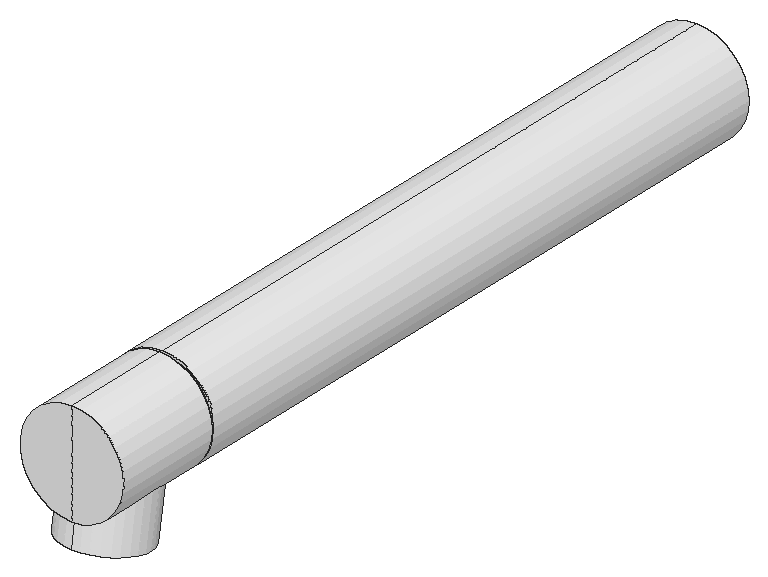
Revit family "PRD_FrankeWS_WlMntdBbTps_WallOutlet_AQRM905_AQRM906_AQRM907", category Plumbing Fixtures, Revit 2018
Family settings
  Round Connector Dimension = Use Diameter
  Part Type = Normal
  OmniClass Number = 23.45.55.14
  OmniClass Title = Single Faucets
  Work Plane-Based = Yes
  Always vertical = Yes
  Cut with Voids When Loaded = No
  Shared = No
  Room Calculation Point = No
Parameters (values of type "AQRM905")
  WarrantyStartDate [instance] = "1900-12-31T23:59:59"
  WarrantyGuarantorParts = "n/a"
  WarrantyGuarantorLabor = "n/a"
  WarrantyDurationUnit = "year"
  WarrantyDurationParts = "n/a"
  WarrantyDurationLabor = "n/a"
  WarrantyDescription = "n/a"
  VolumeFlowRate = "0.10 L/s at 3 bar"
  Version = "1"
  Uniclass2015Version = "Products v1.17"
  Uniclass2015Title = "Wall-mounted bib taps"
  Uniclass2015Code = "Pr_40_20_87_93"
  URL = "www.kwc.com"
  TypeOfSpout = "Wall outlet"
  Tap lentgh = 200.000 mm
  TagNumber [instance] = "n/a"
  SustainabilityPerformance = "n/a"
  SpoutProjection = "234.00 mm"
  Size = "n/a"
  Shape = "n/a"
  SerialNumber [instance] = "n/a"
  Revision = "n/a"
  ReplacementCost = "n/a"
  ProductInformation = "https://pim.kwc.com/product/2000100805/attachment/datasheet?locale=en"
  NominalWidth = 0.000 mm
  NominalHeight = 0.000 mm
  NominalDepth = 0.000 mm
  NetWeight = 1.25 kg
  Name = "Wall Outlet AQRM905"
  NBSTypeID = "n/a"
  NBSReference = "n/a"
  NBSOfficeMasterTag = "n/a"
  NBSNote = "n/a"
  NBSDescription = "n/a"
  NBSCertification = "n/a"
  ModelReference = "AQRM905"
  ModelNumber = "2000100805"
  Model = ModelReference  # "AQRM905"
  Material = "Brass"
  ManufacturerURL = "www.kwc.com"
  ManufacturerName = "KWC Group AG"  # constant formula
  Manufacturer = ManufacturerName  # "KWC Group AG"
  IntegralAccessories = "n/a"
  InstallationDate [instance] = "1900-12-31T23:59:59"
  InletSize = "DN 15"
  IfcExportType = "FAUCET"
  IfcExportAs = "IfcValveType"
  GrossWeight = 1.36 kg
  Grade = "n/a"
  FlowColdWater = 0.1 L/s
  Finish = "polished"
  Features = "polished chromium-plated brass"
  FaucetType = "Bib"
  FaucetTopDescription = "n/a"
  FaucetOperation = "QuickAction"
  FaucetMaterial = PRD_AR_ChromatedBrass_HighPolished
  FaucetFunction = "Mixed"
  ExpectedLife = "n/a"
  DurationUnit = "year"
  DiameterNominal = 15 mm
  Default Elevation = 750.000 mm
  Description = "Wall outlet, DN 15, with theft-proof aerator, polished chromium-plated brass, projection 234 mm."
  CreatedOn = "03/2021"  # constant formula
  Constituents = "n/a"
  Color = "Chrome"
  CodePerformance = "n/a"
  Category = "Pr_40_20_87_93, Wall-mounted bib taps"
  BarCode [instance] = "n/a"
  BIMObjectName = "PRD_AR_WallMountedBibTaps_WallOutlet_AQRM905"
  Author = "Archispace"  # constant formula
  AssetType = "Fixed"
  AssetIdentifier [instance] = "n/a"
  AccessibilityPerformance = "n/a"
Types (3, lengths in mm): name | Tap lentgh | SpoutProjection | ProductInformation | NetWeight | Name | ModelReference | ModelNumber | Model | GrossWeight | Description | BIMObjectName
  AQRM905 | 200.000 | "234.00 mm" | "https://pim.kwc.com/product/2000100805/attachment/datasheet?locale=en" | 1.25 kg | "Wall Outlet AQRM905" | "AQRM905" | "2000100805" | "AQRM905" | 1.36 kg | "Wall outlet, DN 15, with theft-proof aerator, polished chromium-plated brass, projection 234 mm." | "PRD_AR_WallMountedBibTaps_WallOutlet_AQRM905"
  AQRM906 | 131.000 | "165.00 mm" | "https://pim.kwc.com/product/2000100806/attachment/datasheet?locale=en" | 0.92 kg | "Wall Outlet AQRM906" | "AQRM906" | "2000100806" | "AQRM906" | 1.04 kg | "Wall outlet, DN 15, with theft-proof aerator, polished chromium-plated brass, projection 165 mm." | "PRD_AR_WallMountedBibTaps_WallOutlet_AQRM906"
  AQRM907 | 44.000 | "78.00 mm" | "https://pim.kwc.com/product/2000100809/attachment/datasheet?locale=en" | 0.56 kg | "Wall Outlet AQRM907" | "AQRM907" | "2000100809" | "AQRM907" | 0.62 kg | "Wall outlet, DN 15, with theft-proof aerator, polished chromium-plated brass, projection 78 mm." | "PRD_AR_WallMountedBibTaps_WallOutlet_AQRM907"
Reference planes
  plane 1 "Center (Front/Back)": y = 0
  plane 2: z = 0
  plane 3 "Center (Left/Right)": x = 0
  plane 4: y = -200
  plane 5: x = -25
  plane 6: x = 25
  plane 7: y = -234
  plane 8: y = -201
Forms (mm)
  Extrusion 1, solid, material "PRD_AR_ChromatedBrass_HighPolished", not visible
    sketch origin (0, 0, 0) x (1, 0, 0) y (0, 0, 1)
      loop
        circle (0, 0) r 8
    from 0 to 1
  Sweep 2, solid, material "PRD_AR_ChromatedBrass_HighPolished" <- "FaucetMaterial", detail levels fine
    path origin (0, 0, 0) x (0, 1, 0) y (0, 0, 1)
      loop
        line (0, 0) -> (-200, 0)
    profile origin (0, -100, 0) x (0, 0, -1) y (1, 0, 0)
      loop
        circle (0, 0) r 15.5
  Revolve 3, solid, material "PRD_AR_ChromatedBrass_HighPolished" <- "FaucetMaterial", detail levels fine
    sketch origin (0, 0, 0) x (0, 1, 0) y (0, 0, 1)
      loop
        line (-200, 0) -> (-200, 14.7) -> (-201, 14.7) -> (-201, 15.5) -> (-234, 15.5) -> (-234, 0) -> (-200, 0)
      axis (-200, 0) -> (-234, 0)
    angle from 0 to 360
  Revolve 4, solid, material "PRD_AR_ChromatedBrass_HighPolished" <- "FaucetMaterial", detail levels fine
    sketch origin (0, 0, 0) x (0, 1, 0) y (0, 0, 1)
      loop
        line (-221.52, -24.119) -> (-214.134, -25.421) -> (-214.307, -26.406) -> (-209.383, -27.274) -> (-205.042, -2.654) -> (-217.352, -0.483) -> (-221.52, -24.119)
      axis (-217.352, -0.483) -> (-221.693, -25.104)
    angle from 0 to 360
Cuts and joins
  joined: Revolve 3, Revolve 4
Dimensions and locks
  "Tap lentgh": plane 4 to plane 1 "Center (Front/Back)"
  locked: plane 4 to plane 8 at 1
  locked: plane 4 to plane 7 at 34
  aligned and locked: level to plane 2
  aligned and locked: plane 1 "Center (Front/Back)" to Sweep 2 sketch curve
  aligned and locked: plane 4 to Sweep 2 sketch curve
  aligned and locked: Sweep 2 sketch curve to level
  aligned and locked: Revolve 3 sketch curve to plane 2
  aligned and locked: Revolve 3 sketch curve to plane 4
  aligned and locked: plane 7 to Revolve 3 sketch curve
  aligned and locked: Revolve 3 sketch curve to plane 8
Automatic sketch dimensions
  Extrusion 1 sketch curve to plane 3 "Center (Left/Right)" = 0.000 mm
  Extrusion 1 sketch curve to level = 0.000 mm
  Sweep 2 sketch curve to plane 3 "Center (Left/Right)" = 0.000 mm
  Sweep 2 sketch curve to profile plane = 0.000 mm
  Revolve 3 sketch curve to level = 0.000 mm
  level to Revolve 3 sketch curve = 14.700 mm
  level to Revolve 3 sketch curve = 15.500 mm
  Revolve 3 sketch curve to Revolve 3 sketch curve = 5.000 mm
  Revolve 3 sketch curve to Revolve 3 sketch curve = 10.917 mm
  Revolve 4 sketch curve to level = 0.483 mm
  Revolve 4 sketch curve to plane 8 = 16.352 mm
  Revolve 4 sketch curve to plane 8 = 8.383 mm
  Revolve 4 sketch curve to level = 2.654 mm
  Revolve 4 sketch curve to Revolve 4 sketch curve = 1.488 mm
  Revolve 4 sketch curve to Revolve 4 sketch curve = 0.248 mm
  Revolve 4 sketch curve to Revolve 4 sketch curve = 1.409 mm
  Revolve 4 sketch curve to Revolve 4 sketch curve = 8.439 mm
  Revolve 4 sketch curve to Revolve 4 sketch curve = 0.868 mm
  Revolve 4 sketch curve to Revolve 4 sketch curve = 1.853 mm
  Revolve 4 sketch curve to Revolve 4 sketch curve = 0.174 mm
  radius of Extrusion 1 sketch curve = 8.000 mm
  radius of Sweep 2 sketch curve = 15.500 mm
Connectors
  piping at (0, 0, 0), diameter 15, driven by "DiameterNominal", driven by "FlowColdWater"
    settings: on Extrusion 1, index 2, connector inside diameter 609.6 mm, connector length 0.000 mm, flow factor 0, pipe flow 0.1 L/s, pressure drop 0.0 Pa, fitting loss kfactor 0, connector angle 0.00°, fixture units 0, engagement length 0.000 mm, angle of deflection 0.00°, flow configuration 0, flow direction 1, fitting loss method 0, system type 20, joint type 0, gender type 0, connector reference index -1, connector utility 0, adjustable connector no, is connector primary yes, connector description ""
